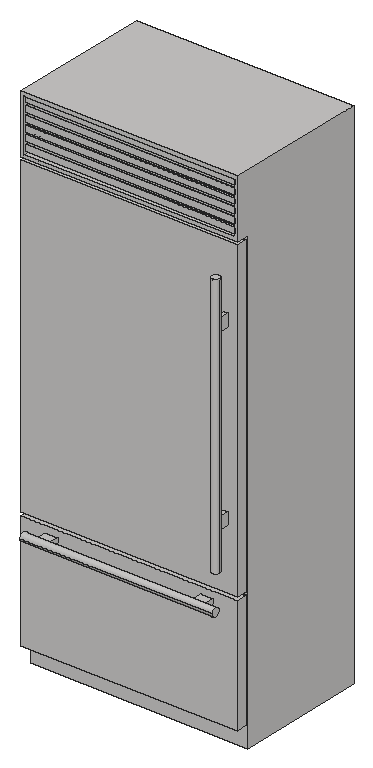
Revit family "M_Refrigerador-combinado", category Equipamento especial, Revit 2019
Family settings
  Cota do conector redondo = Utilizar diâmetro
  Tipo de parte = Normal
  Número OmniClass = 23.40.40.14
  Título OmniClass = Food Service Equipment
  Com base no plano de trabalho = Não
  Sempre na vertical = Sim
  Corte com vazios quando carregada = Não
  Compartilhado = Não
  Ponto de cálculo do ambiente = Não
Parameters (values of type "900mm LH")
  Largura = 900 mm
  Deslocamento de parede = 100 mm
  Voltagem = 120 V
  Mostrar legenda = yes
  RH = no
  Consumo de energia = 1000 VA
  Legenda = "Refrigerador"
  LH = not(RH)  # yes
  Altura = 2150 mm
  Linha de centro do puxador = if(RH, 50 mm, (Largura - 50 mm))  # 850 mm
  Junta = Eletrodoméstico – Junta
  Descrição = "Refrigerador combinado"
  Linear = 600 mm
  Código de montagem = "E1090320"
  Acabamento do eletrodoméstico = Eletrodoméstico – Aço inoxidável
  Amperagem = Consumo de energia / Voltagem  # 8.33333 A
Types (2, lengths in mm): name | RH | LH | Linha de centro do puxador
  900mm LH | no | yes | 850
  900mm RH | yes | no | 50
Reference planes
  plane 1 "Parte posterior": y = 0
  plane 2: z = 0
  plane 3 "Centro (Esquerda/Direita)": x = 0
  plane 4 "Esquerda": x = -450
  plane 5 "Direita": x = 450
  plane 6: y = -100
  plane 7 "Parte frontal": y = -700
  plane 8 "Traseira da porta": y = -649.2
  plane 9 "Superior": z = 2150
  plane 10 "Porta B.O.": z = 88.9
  plane 11: z = 1905.525
  plane 12: x = 400
  plane 13: z = 1778.525
  plane 14: z = 685.8
  plane 15: z = 584.2
  plane 16: z = 533.4
Forms (mm)
  Extrusion 1, solid, material "Eletrodoméstico – Aço inoxidável" <- "Acabamento do eletrodoméstico"
    sketch origin (0, 0, 0) x (1, 0, 0) y (0, 1, 0)
      loop
        line (-450, -100) -> (-450, -649.2) -> (450, -649.2) -> (450, -100) -> (-450, -100)
    from 0 to 2150
  Extrusion 2, solid, material "Eletrodoméstico – Aço inoxidável" <- "Acabamento do eletrodoméstico"
    sketch origin (0, -700, 0) x (-1, 0, 0) y (0, 0, 1)
      loop
        line (450, 2150) -> (-450, 2150) -> (-450, 1905.525) -> (450, 1905.525) -> (450, 2150)
      loop
        line (437.3, 2137.3) -> (-437.3, 2137.3) -> (-437.3, 1918.225) -> (437.3, 1918.225) -> (437.3, 2137.3)
    from 0 to 50.8
  Extrusion 3, solid, material "Eletrodoméstico – Aço inoxidável" <- "Acabamento do eletrodoméstico"
    sketch origin (0, 0, 0) x (0, 1, 0) y (0, 0, 1)
      loop
        line (-649.2, 1921.627) -> (-693.65, 1933.537) -> (-693.65, 1956.386) -> (-696.825, 1956.386) -> (-696.825, 1930.986) -> (-649.2, 1918.225) -> (-649.2, 1921.627)
      loop
        line (-649.2, 1957.809) -> (-693.65, 1969.72) -> (-693.65, 1992.569) -> (-696.825, 1992.569) -> (-696.825, 1967.169) -> (-649.2, 1954.408) -> (-649.2, 1957.809)
      loop
        line (-649.2, 1993.992) -> (-693.65, 2005.902) -> (-693.65, 2028.752) -> (-696.825, 2028.752) -> (-696.825, 2003.352) -> (-649.2, 1990.591) -> (-649.2, 1993.992)
      loop
        line (-649.2, 2030.175) -> (-693.65, 2042.085) -> (-693.65, 2064.934) -> (-696.825, 2064.934) -> (-696.825, 2039.534) -> (-649.2, 2026.773) -> (-649.2, 2030.175)
      loop
        line (-649.2, 2066.358) -> (-693.65, 2078.268) -> (-693.65, 2101.117) -> (-696.825, 2101.117) -> (-696.825, 2075.717) -> (-649.2, 2062.956) -> (-649.2, 2066.358)
      loop
        line (-649.2, 2102.54) -> (-693.65, 2114.451) -> (-693.65, 2137.3) -> (-696.825, 2137.3) -> (-696.825, 2111.9) -> (-649.2, 2099.139) -> (-649.2, 2102.54)
    from -437.3 to 437.3
  Extrusion 4, solid, material "Eletrodoméstico – Aço inoxidável" <- "Acabamento do eletrodoméstico", detail levels fine
    sketch origin (0, -700, 0) x (-1, 0, 0) y (0, 0, 1)
      loop
        line (-390.475, 1626.125) -> (-409.525, 1626.125) -> (-409.525, 1575.325) -> (-390.475, 1575.325) -> (-390.475, 1626.125)
      loop
        line (-390.475, 889) -> (-409.525, 889) -> (-409.525, 838.2) -> (-390.475, 838.2) -> (-390.475, 889)
    from -42.559 to 0
  Extrusion 5, solid, material "Eletrodoméstico – Aço inoxidável" <- "Acabamento do eletrodoméstico", detail levels fine
    sketch origin (0, 0, 0) x (1, 0, 0) y (0, 1, 0)
      loop
        circle (400, -751.174) r 15.875
    from 685.8 to 1778.525
  Extrusion 6, solid, material "Eletrodoméstico – Aço inoxidável" <- "Acabamento do eletrodoméstico"
    sketch origin (0, -700, 0) x (-1, 0, 0) y (0, 0, 1)
      loop
        line (450, 1892.825) -> (-450, 1892.825) -> (-450, 584.2) -> (450, 584.2) -> (450, 1892.825)
      loop
        line (450, 571.5) -> (-450, 571.5) -> (-450, 88.9) -> (450, 88.9) -> (450, 571.5)
    from 0 to 44.45
  Extrusion 7, solid, material "Eletrodoméstico – Aço inoxidável" <- "Acabamento do eletrodoméstico", detail levels fine
    sketch origin (0, -700, 0) x (-1, 0, 0) y (0, 0, 1)
      loop
        line (348.4, 542.925) -> (297.6, 542.925) -> (297.6, 523.875) -> (348.4, 523.875) -> (348.4, 542.925)
      loop
        line (-348.4, 542.925) -> (-348.4, 523.875) -> (-297.6, 523.875) -> (-297.6, 542.925) -> (-348.4, 542.925)
    from 0 to -42.565
  Extrusion 8, solid, material "Eletrodoméstico – Aço inoxidável" <- "Acabamento do eletrodoméstico", detail levels fine
    sketch origin (0, 0, 0) x (0, 1, 0) y (0, 0, 1)
      loop
        circle (-751.174, 533.4) r 15.875
    from -399.2 to 399.2
  Sweep 9, solid, material "Eletrodoméstico – Junta" <- "Junta", detail levels fine
    path in 3D
      loop
        line (-450, -700, 1892.825) -> (-450, -700, 584.2) -> (450, -700, 584.2) -> (450, -700, 1892.825) -> (-450, -700, 1892.825)
    profile origin (0, -700, 1892.825) x (0, -1, 0) y (0, 0, 1)
      loop
        arc (-44.45, -3.175) -> (-47.625, 0) -> (-50.8, -3.175) r 3.175
        line (-50.8, -3.175) -> (-50.8, -6.35) -> (-44.45, -6.35) -> (-44.45, -3.175)
  Sweep 10, solid, material "Eletrodoméstico – Junta" <- "Junta", detail levels fine
    path in 3D
      loop
        line (-450, -700, 571.5) -> (-450, -700, 88.9) -> (450, -700, 88.9) -> (450, -700, 571.5) -> (-450, -700, 571.5)
    profile origin (0, -700, 571.5) x (0, -1, 0) y (0, 0, 1)
      loop
        arc (-44.45, -3.175) -> (-47.625, 0) -> (-50.8, -3.175) r 3.175
        line (-50.8, -3.175) -> (-50.8, -6.35) -> (-44.45, -6.35) -> (-44.45, -3.175)
Cuts and joins
  joined: Extrusion 1, Extrusion 2
  joined: Extrusion 4, Extrusion 5
  joined: Extrusion 7, Extrusion 8
Lines and regions (mm)
  Split face 1
    outline origin (-450, -100, 0) x (1, 0, 0) y (0, 0, -1)
      loop
        circle (747.6, -1997.6) r 50.8
  Split face 2
    outline origin (-450, -100, 0) x (1, 0, 0) y (0, 0, -1)
      loop
        circle (450, -88.9) r 50.8
  Masking region 1
    outline origin (0, 0, 0) x (1, 0, 0) y (0, 1, 0)
      loop
        line (-450, -100) -> (-450, -700) -> (450, -700) -> (450, -100) -> (-450, -100)
  Masking region 2, detail levels fine
    outline origin (0, 0, 0) x (1, 0, 0) y (0, 1, 0)
      loop
        line (409.525, -738.474) -> (409.525, -700) -> (390.475, -700) -> (390.475, -738.474)
        arc (390.475, -738.474) -> (385.801, -744.075) -> (384.125, -751.174) r 15.875
        arc (384.125, -751.174) -> (400, -767.049) -> (415.875, -751.174) r 15.875
        arc (415.875, -751.174) -> (414.199, -744.075) -> (409.525, -738.474) r 15.875
  symbolic lines, style "Eletrodomésticos – Giro da planta", visible <- "LH", detail levels medium+fine
    curve 1: arc (450, -700, 0) -> (186.396, -1336.396, 0) -> (-450, -1600, 0) r 900
    curve 2: line (-450, -700, 0) -> (-450, -1600, 0)
  symbolic lines, style "Eletrodomésticos – Giro da planta", visible <- "RH", detail levels medium+fine
    curve 3: arc (-450, -700, 0) -> (-186.396, -1336.396, 0) -> (450, -1600, 0) r 900
    curve 4: line (450, -1600, 0) -> (450, -700, 0)
  sketch lines
    curve 5: line (450, -700, 1892.825) -> (-450, -700, 1892.825)
    curve 6: line (450, -700, 584.2) -> (450, -700, 1892.825)
    curve 7: line (-450, -700, 584.2) -> (450, -700, 584.2)
    curve 8: line (-450, -700, 1892.825) -> (-450, -700, 584.2)
    curve 9: line (450, -700, 571.5) -> (-450, -700, 571.5)
    curve 10: line (450, -700, 88.9) -> (450, -700, 571.5)
    curve 11: line (-450, -700, 88.9) -> (450, -700, 88.9)
    curve 12: line (-450, -700, 571.5) -> (-450, -700, 88.9)
  symbolic lines, style "Eletrodomésticos"
    curve 13: line (-450, -100, 0) -> (450, -100, 0)
    curve 14: line (-450, -700, 0) -> (-450, -100, 0)
    curve 15: line (450, -700, 0) -> (-450, -700, 0)
    curve 16: line (450, -100, 0) -> (450, -700, 0)
    curve 17: line (-450, -649.2, 0) -> (450, -649.2, 0)
  symbolic lines, style "Eletrodomésticos", detail levels fine
    curve 18: arc (384.125, -751.174, 0) -> (400, -767.049, 0) -> (415.875, -751.174, 0) r 15.875
    curve 19: arc (415.875, -751.174, 0) -> (400, -735.299, 0) -> (384.125, -751.174, 0) r 15.875
    curve 20: line (409.525, -738.474, 0) -> (409.525, -700, 0)
    curve 21: line (390.475, -700, 0) -> (390.475, -738.474, 0)
Dimensions and locks
  equal spacing: plane 4 "Esquerda", plane 3 "Centro (Esquerda/Direita)", plane 5 "Direita"
  "Largura": plane 4 "Esquerda" to plane 5 "Direita"
  "Linear": plane 6 to plane 7 "Parte frontal"
  "Deslocamento de parede": plane 1 "Parte posterior" to plane 6
  "Altura": plane 9 "Superior" to level
  plane 10 "Porta B.O." to level = 88.9 mm
  locked: plane 8 "Traseira da porta" to plane 7 "Parte frontal" at 50.8
  locked: plane 9 "Superior" to plane 11 at 244.475
  locked: cut or joined group of Extrusion 1, Extrusion 2 to plane 4 "Esquerda" at 12.7
  locked: plane 5 "Direita" to cut or joined group of Extrusion 1, Extrusion 2 at 12.7
  locked: plane 11 to plane 13 at 127
  plane 14 to plane 15 = 101.6 mm
  Extrusion 4 sketch curve to plane 12 to Extrusion 4 sketch curve = 9.525 mm locked, 9.525 mm locked  (x2)
  plane 13 to Extrusion 4 sketch curve to Extrusion 4 sketch curve = 152.4 mm locked, 50.8 mm locked
  Extrusion 4 sketch curve to Extrusion 4 sketch curve to plane 14 = 50.8 mm locked, 152.4 mm locked
  locked: plane 7 "Parte frontal" to Extrusion 5 sketch curve at 51.174
  locked: Split face 1 sketch curve to plane 9 "Superior" at 152.4
  locked: plane 5 "Direita" to Split face 1 sketch curve at 152.4
  "Linha de centro do puxador": plane 4 "Esquerda" to plane 12
  locked: plane 15 to plane 10 "Porta B.O." at 495.3
  locked: plane 11 to Extrusion 6 sketch curve at 12.7
  locked: plane 15 to Extrusion 6 sketch curve at 12.7
  locked: plane 15 to plane 16 at 50.8
  Extrusion 7 sketch curve to plane 16 to Extrusion 7 sketch curve = 9.525 mm locked, 9.525 mm locked  (x2)
  Extrusion 7 sketch curve to Extrusion 7 sketch curve to plane 4 "Esquerda" = 50.8 mm locked, 101.6 mm
  Extrusion 7 sketch curve to Extrusion 7 sketch curve to plane 5 "Direita" = 50.8 mm locked, 101.6 mm locked
  locked: plane 8 "Traseira da porta" to Extrusion 8 sketch curve at 101.974
  locked: plane 5 "Direita" to Extrusion 8 at 50.8
  locked: Extrusion 8 to plane 4 "Esquerda" at 50.8
  locked: plane 11 to Sweep 9 sketch curve at 19.05
  locked: plane 15 to Sweep 10 sketch curve at 19.05
  equal spacing: plane 6, nested 1, plane 8 "Traseira da porta"
  "Largura": radius of curve 3
  "Largura": radius of curve 1
  aligned and locked: plane 2 to level
  aligned and locked: Extrusion 1 sketch curve to plane 6
  aligned and locked: plane 4 "Esquerda" to Extrusion 1 sketch curve
  aligned and locked: plane 8 "Traseira da porta" to Extrusion 1 sketch curve
  aligned and locked: Extrusion 1 sketch curve to plane 5 "Direita"
  aligned and locked: plane 9 "Superior" to Extrusion 1
  aligned and locked: Extrusion 2 sketch curve to Extrusion 1  (x2)
  aligned and locked: plane 11 to Extrusion 2 sketch curve
  aligned and locked: Extrusion 2 sketch curve to plane 5 "Direita"
  aligned and locked: plane 8 "Traseira da porta" to Extrusion 2
  aligned and locked: Extrusion 3 to Extrusion 2  (x2)
  aligned and locked: plane 7 "Parte frontal" to Extrusion 4
  aligned and locked: plane 12 to Extrusion 5 sketch curve
  aligned and locked: Extrusion 5 to plane 14
  aligned and locked: plane 13 to Extrusion 5
  aligned and locked: plane 3 "Centro (Esquerda/Direita)" to Split face 2 sketch curve
  aligned and locked: plane 10 "Porta B.O." to Split face 2 sketch curve
  aligned and locked: plane 13 to cut or joined group of Extrusion 4, Extrusion 5
  aligned and locked: plane 15 to Extrusion 6 sketch curve
  aligned and locked: plane 4 "Esquerda" to Extrusion 6 sketch curve  (x2)
  aligned and locked: Extrusion 6 sketch curve to plane 5 "Direita"  (x2)
  aligned and locked: plane 10 "Porta B.O." to Extrusion 6 sketch curve
  aligned and locked: plane 16 to Extrusion 8 sketch curve
  aligned and locked: curve 17 to plane 8 "Traseira da porta"
  aligned and locked: plane 3 "Centro (Esquerda/Direita)" to nested 1
  aligned and locked: Masking region 1 sketch curve to plane 6
  aligned and locked: plane 4 "Esquerda" to Masking region 1 sketch curve
  aligned and locked: Masking region 1 sketch curve to plane 5 "Direita"
  aligned and locked: plane 7 "Parte frontal" to Masking region 1 sketch curve
  aligned and locked: Masking region 2 sketch curve to cut or joined group of Extrusion 4, Extrusion 5  (x6)
Automatic sketch dimensions
  Extrusion 2 sketch curve to plane 5 "Direita" = 12.7 mm
  plane 4 "Esquerda" to Extrusion 2 sketch curve = 12.7 mm
  plane 11 to Extrusion 2 sketch curve = 12.7 mm
  Extrusion 2 sketch curve to plane 9 "Superior" = 12.7 mm
  Extrusion 3 sketch curve to plane 8 "Traseira da porta" = 0 mm  (x6)
  plane 7 "Parte frontal" to Extrusion 3 sketch curve = 6.35 mm  (x6)
  Extrusion 3 sketch curve to Extrusion 3 sketch curve = 3.175 mm  (x2)
  plane 7 "Parte frontal" to Extrusion 3 sketch curve = 3.175 mm  (x4)
  plane 11 to Extrusion 3 sketch curve = 12.7 mm
  Extrusion 3 sketch curve to Extrusion 3 sketch curve = 3.402 mm  (x6)
  plane 11 to Extrusion 3 sketch curve = 25.461 mm
  Extrusion 3 sketch curve to Extrusion 3 sketch curve = 2.551 mm  (x6)
  Extrusion 3 sketch curve to Extrusion 3 sketch curve = 32.781 mm  (x5)
  Extrusion 3 sketch curve to Extrusion 3 sketch curve = 22.849 mm  (x5)
  Extrusion 3 sketch curve to Extrusion 3 sketch curve = 10.783 mm  (x5)
  Extrusion 3 sketch curve to plane 9 "Superior" = 12.7 mm
  profile plane to Sweep 9 sketch curve = 50.8 mm
  Sweep 9 sketch curve to Sweep 9 sketch curve = 3.175 mm
  Sweep 9 sketch curve to profile plane = 3.175 mm
  profile plane to Sweep 10 sketch curve = 50.8 mm
  Sweep 10 sketch curve to Sweep 10 sketch curve = 3.175 mm
  Sweep 10 sketch curve to profile plane = 3.175 mm
  curve 1 to plane 4 "Esquerda" = 0 mm
  curve 21 to plane 7 "Parte frontal" = 0 mm
  curve 19 to plane 12 = 0 mm
  curve 13 to plane 6 = 0 mm
  curve 19 to plane 7 "Parte frontal" = 51.174 mm
  curve 19 to plane 12 = 15.875 mm
  curve 21 to plane 12 = 9.525 mm
  plane 12 to curve 20 = 9.525 mm
  radius of Extrusion 5 sketch curve = 15.875 mm
  radius of Split face 1 sketch curve = 50.8 mm
  radius of Split face 2 sketch curve = 50.8 mm
  radius of Extrusion 8 sketch curve = 15.875 mm
Nested families
  nested 1: "Anotação de legenda de 2,5" at (0, -374.6, 0), visible <- "Mostrar legenda", type "Anotação de legenda de 2,5"
Connectors
  electrical at (297.6, -100, 1997.6), driven by "Voltagem", driven by "Consumo de energia"
    settings: on Extrusion 1, index 1, voltage 120 V, apparent load 1000 VA, apparent load phase1 0 VA, apparent load phase2 0 VA, apparent load phase3 0 VA, power factor 1, load classification "Eletrodoméstico", number of poles 1, system type 30, power factor state 1, is connector primary yes, connector utility no, sub classification motor no, connector description "Potência do refrigerador"
  piping at (0, -100, 88.9), diameter 6.35
    settings: on Extrusion 1, index 2, connector inside diameter 609.6 mm, connector length 0 mm, flow factor 0, pipe flow 0.0 L/s, pressure drop 0.0 Pa, fitting loss kfactor 0, connector angle 0.00°, fixture units 1, engagement length 0 mm, angle of deflection 0.00°, flow configuration 3, flow direction 1, fitting loss method 0, system type 20, joint type 0, gender type 0, connector reference index -1, connector utility 0, adjustable connector no, is connector primary yes, connector description "Gelo – Suprimento de água"
Definition of nested family "Anotação de legenda de 2,5"
  Parameters
    Legenda = "Congelador 36 LH"
  Reference planes
    plane 1: y = 0
    plane 2: x = 0
  Text (mm)
    label "Legenda" at (0.095, -0.088, 0), shows "Legenda"
